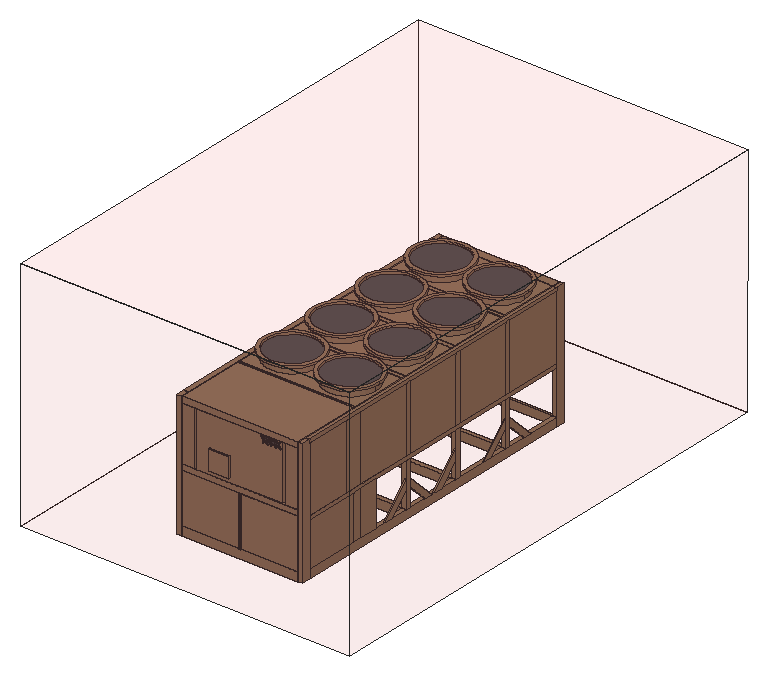
Revit family (continued)
Definition of nested family "Box_Frame-York-YCIV-4_Row"
  Lines and regions (in)
    Masking region 12, detail levels medium+fine
      outline origin (0, 0, 37) x (-1, 0, 0) y (0, -1, 0)
        loop
          line (41.0625, -115) -> (41.0625, -109) -> (-41.0625, -109) -> (-41.0625, -115) -> (41.0625, -115)
    Masking region 13, detail levels medium+fine
      outline origin (41.0625, 0, 0) x (0, -1, 0) y (0, 0, 1)
        loop
          line (23.525, 37) -> (20.525, 37) -> (20.525, 6) -> (23.525, 6) -> (23.525, 37)
        loop
          line (-20.15, 37) -> (-23.15, 37) -> (-23.15, 6) -> (-20.15, 6) -> (-20.15, 37)
        loop
          line (-63.825, 37) -> (-66.825, 37) -> (-66.825, 6) -> (-63.825, 6) -> (-63.825, 37)
    Masking region 14
      outline origin (0, 0, 0) x (0, 1, 0) y (0, 0, 1)
        loop
          line (-109, 85.9375) -> (-109, 40) -> (-64.2, 40) -> (-64.2, 85.9375) -> (-109, 85.9375)
    Masking region 15, detail levels medium+fine
      outline origin (0, 0, 87.9375) x (-1, 0, 0) y (0, -1, 0)
        loop
          line (41.0625, 65.7) -> (41.0625, 111) -> (-41.0625, 111) -> (-41.0625, 65.7) -> (41.0625, 65.7)
    Masking region 16
      outline origin (0, 0, 0) x (0, 1, 0) y (0, 0, 1)
        loop
          line (-64.2, 85.9375) -> (-64.2, 40) -> (109, 40) -> (109, 85.9375) -> (-64.2, 85.9375)
    Masking region 17, detail levels medium+fine
      outline origin (0, 0, 87.9375) x (-1, 0, 0) y (0, -1, 0)
        loop
          line (41.0625, -109) -> (41.0625, 65.7) -> (-41.0625, 65.7) -> (-41.0625, -109) -> (41.0625, -109)
    Masking region 18, visible <- "Sound Option"
      outline origin (0, 0, 0) x (0, 1, 0) y (0, 0, 1)
        loop
          line (-109, 37) -> (-109, 6) -> (-50.2, 6) -> (-50.2, 37) -> (-109, 37)
    Masking region 19, detail levels fine
      outline origin (0, 0, 0) x (0, 1, 0) y (0, 0, 1)
        loop
          line (-42.525, 6) -> (-36.525, 6) -> (-23.525, 19) -> (-23.525, 25) -> (-42.525, 6)
        loop
          line (-20.525, 25) -> (-20.525, 19) -> (-7.525, 6) -> (-1.525, 6) -> (-20.525, 25)
        loop
          line (1.15, 6) -> (7.15, 6) -> (20.15, 19) -> (20.15, 25) -> (1.15, 6)
        loop
          line (63.825, 25) -> (44.825, 6) -> (50.825, 6) -> (63.825, 19) -> (63.825, 25)
        loop
          line (66.825, 25) -> (66.825, 19) -> (79.825, 6) -> (85.825, 6) -> (66.825, 25)
    Masking region 20, detail levels coarse
      outline origin (0, 0, 6) x (-1, 0, 0) y (0, -1, 0)
        loop
          line (44.0625, -115) -> (44.0625, 115) -> (-44.0625, 115) -> (-44.0625, -115) -> (44.0625, -115)
    Masking region 21, detail levels medium+fine
      outline origin (0, -115, 0) x (-1, 0, 0) y (0, 0, -1)
        loop
          line (1, -41.3125) -> (1, -6) -> (-1, -6) -> (-1, -41.3125) -> (1, -41.3125)
    Masking region 22, visible <- "Sound Option"
      outline origin (0, -115, 0) x (-1, 0, 0) y (0, 0, -1)
        loop
          line (41.0625, -41.3125) -> (41.0625, -6) -> (1, -6) -> (1, -41.3125) -> (41.0625, -41.3125)
        loop
          line (-1, -41.3125) -> (-1, -6) -> (-41.0625, -6) -> (-41.0625, -41.3125) -> (-1, -41.3125)
    Masking region 23
      outline origin (32, 0, 0) x (0, -1, 0) y (0, 0, 1)
        loop
          line (70.2, 37) -> (64.2, 37) -> (64.2, 6) -> (70.2, 6) -> (70.2, 37)
    model lines, style "Frame Detail Lines", detail levels medium
      curve 1: line (-21.0625, -116, 48.3125) -> (-21.0625, -116, 62.3125)
      curve 2: line (-7.0625, -116, 48.3125) -> (-21.0625, -116, 48.3125)
      curve 3: line (-21.0625, -115, 62.3125) -> (-7.0625, -115, 62.3125)
      curve 4: line (-21.0625, -115, 48.3125) -> (-21.0625, -115, 62.3125)
      curve 5: line (-7.0625, -115, 48.3125) -> (-21.0625, -115, 48.3125)
      curve 6: line (-7.0625, -115, 62.3125) -> (-7.0625, -115, 48.3125)
      curve 7: line (-21.0625, -116, 48.3125) -> (-21.0625, -115, 48.3125)
      curve 8: line (-7.0625, -116, 48.3125) -> (-7.0625, -115, 48.3125)
      curve 9: line (-21.0625, -116, 62.3125) -> (-21.0625, -115, 62.3125)
      curve 10: line (-7.0625, -116, 62.3125) -> (-7.0625, -115, 62.3125)
      curve 263: line (-7.0625, -116, 62.3125) -> (-21.0625, -116, 62.3125)
      curve 264: line (-7.0625, -116, 48.3125) -> (-7.0625, -116, 62.3125)
    symbolic lines, style "Frame Detail Lines", detail levels fine
      curve 11: line (-21.0625, -116, 62.3125) -> (-7.0625, -116, 62.3125)
      curve 12: line (-21.0625, -116, 48.3125) -> (-21.0625, -116, 62.3125)
      curve 13: line (-7.0625, -116, 48.3125) -> (-21.0625, -116, 48.3125)
      curve 14: line (-7.0625, -116, 62.3125) -> (-7.0625, -116, 48.3125)
    model lines, style "Frame Medium Lines", detail levels medium
      curve 15: line (-30, -115, 83.9375) -> (30, -115, 83.9375)
      curve 16: line (30, -115, 45.3125) -> (-30, -115, 45.3125)
      curve 17: line (30, -115, 83.9375) -> (30, -115, 45.3125)
      curve 18: line (-30, -111, 83.9375) -> (30, -111, 83.9375)
      curve 19: line (-30, -111, 45.3125) -> (-30, -111, 83.9375)
      curve 20: line (30, -111, 45.3125) -> (-30, -111, 45.3125)
      curve 21: line (30, -111, 83.9375) -> (30, -111, 45.3125)
      curve 22: line (-30, -115, 45.3125) -> (-30, -111, 45.3125)
      curve 23: line (30, -115, 45.3125) -> (30, -111, 45.3125)
      curve 24: line (-30, -115, 83.9375) -> (-30, -111, 83.9375)
      curve 25: line (30, -115, 83.9375) -> (30, -111, 83.9375)
      curve 262: line (-30, -115, 45.3125) -> (-30, -115, 83.9375)
    symbolic lines, style "Frame Medium Lines", detail levels medium+fine
      curve 26: line (-30, -115, 83.9375) -> (30, -115, 83.9375)
      curve 28: line (30, -115, 45.3125) -> (-30, -115, 45.3125)
      curve 30: line (-30, -111, 87.375) -> (30, -111, 87.375)
      curve 31: line (-30, -115, 87.375) -> (-30, -111, 87.375)
      curve 32: line (30, -115, 87.375) -> (-30, -115, 87.375)
      curve 33: line (30, -111, 87.375) -> (30, -115, 87.375)
      curve 238: line (-41.0625, 66.825, 87.9375) -> (41.0625, 66.825, 87.9375)
      curve 239: line (-41.0625, 63.825, 87.9375) -> (41.0625, 63.825, 87.9375)
      curve 240: line (-41.0625, 23.15, 87.9375) -> (41.0625, 23.15, 87.9375)
      curve 241: line (-41.0625, 20.15, 87.9375) -> (41.0625, 20.15, 87.9375)
      curve 242: line (-41.0625, -20.525, 87.9375) -> (41.0625, -20.525, 87.9375)
      curve 243: line (-41.0625, -23.525, 87.9375) -> (41.0625, -23.525, 87.9375)
      curve 244: line (-41.0625, -64.2, 87.9375) -> (41.0625, -64.2, 87.9375)
    symbolic lines, style "Frame Medium Lines", detail levels fine
      curve 27: line (-30, -115, 45.3125) -> (-30, -115, 83.9375)
      curve 29: line (30, -115, 83.9375) -> (30, -115, 45.3125)
      curve 255: line (0, -23.525, 85.9375) -> (0, -23.525, 40)
      curve 256: line (0, -76.20237, 85.9375) -> (0, -76.20237, 40)
      curve 257: line (0, -20.525, 85.9375) -> (0, -20.525, 40)
      curve 258: line (0, 20.15, 85.9375) -> (0, 20.15, 40)
      curve 259: line (0, 23.15, 85.9375) -> (0, 23.15, 40)
      curve 260: line (0, 63.825, 85.9375) -> (0, 63.825, 40)
      curve 261: line (0, 66.825, 85.9375) -> (0, 66.825, 40)
      curve 268: line (-32, -115, 83.9375) -> (-32, -115, 45.3125)
      curve 269: line (32, -115, 83.9375) -> (32, -115, 45.3125)
    model lines, style "Frame Outline Lines", detail levels coarse+medium
      curve 34: line (-41.0625, -115, 45.3125) -> (41.0625, -115, 45.3125)
      curve 35: line (-41.0625, -115, 41.3125) -> (-41.0625, -115, 45.3125)
      curve 36: line (41.0625, -115, 41.3125) -> (-41.0625, -115, 41.3125)
      curve 37: line (41.0625, -115, 45.3125) -> (41.0625, -115, 41.3125)
      curve 38: line (-41.0625, -111, 45.3125) -> (41.0625, -111, 45.3125)
      curve 39: line (-41.0625, -111, 41.3125) -> (-41.0625, -111, 45.3125)
      curve 40: line (41.0625, -111, 41.3125) -> (-41.0625, -111, 41.3125)
      curve 41: line (41.0625, -111, 45.3125) -> (41.0625, -111, 41.3125)
      curve 42: line (-41.0625, -115, 45.3125) -> (-41.0625, -111, 45.3125)
      curve 43: line (41.0625, -115, 45.3125) -> (41.0625, -111, 45.3125)
      curve 44: line (-41.0625, -115, 41.3125) -> (-41.0625, -111, 41.3125)
      curve 45: line (41.0625, -115, 41.3125) -> (41.0625, -111, 41.3125)
      curve 51: line (-44.0625, -115, 87.9375) -> (-41.0625, -115, 87.9375)
      curve 52: line (-44.0625, -115, 0) -> (-44.0625, -115, 87.9375)
      curve 53: line (-41.0625, -115, 0) -> (-44.0625, -115, 0)
      curve 54: line (-41.0625, -115, 87.9375) -> (-41.0625, -115, 0)
      curve 55: line (41.0625, -115, 87.9375) -> (44.0625, -115, 87.9375)
      curve 56: line (41.0625, -115, 0) -> (41.0625, -115, 87.9375)
      curve 57: line (44.0625, -115, 0) -> (41.0625, -115, 0)
      curve 58: line (44.0625, -115, 87.9375) -> (44.0625, -115, 0)
      curve 59: line (41.0625, -109, 87.9375) -> (44.0625, -109, 87.9375)
      curve 60: line (41.0625, -109, 0) -> (41.0625, -109, 87.9375)
      curve 61: line (44.0625, -109, 0) -> (41.0625, -109, 0)
      curve 62: line (44.0625, -109, 87.9375) -> (44.0625, -109, 0)
      curve 63: line (-44.0625, -109, 87.9375) -> (-41.0625, -109, 87.9375)
      curve 64: line (-44.0625, -109, 0) -> (-44.0625, -109, 87.9375)
      curve 65: line (-41.0625, -109, 0) -> (-44.0625, -109, 0)
      curve 66: line (-41.0625, -109, 87.9375) -> (-41.0625, -109, 0)
      curve 67: line (-44.0625, 109, 87.9375) -> (-41.0625, 109, 87.9375)
      curve 68: line (-44.0625, 109, 0) -> (-44.0625, 109, 87.9375)
      curve 69: line (-41.0625, 109, 0) -> (-44.0625, 109, 0)
      curve 70: line (-41.0625, 109, 87.9375) -> (-41.0625, 109, 0)
      curve 71: line (41.0625, 109, 87.9375) -> (44.0625, 109, 87.9375)
      curve 72: line (41.0625, 109, 0) -> (41.0625, 109, 87.9375)
      curve 73: line (44.0625, 109, 0) -> (41.0625, 109, 0)
      curve 74: line (44.0625, 109, 87.9375) -> (44.0625, 109, 0)
      curve 75: line (41.0625, 115, 87.9375) -> (44.0625, 115, 87.9375)
      curve 76: line (41.0625, 115, 0) -> (41.0625, 115, 87.9375)
      curve 77: line (44.0625, 115, 0) -> (41.0625, 115, 0)
      curve 78: line (44.0625, 115, 87.9375) -> (44.0625, 115, 0)
      curve 79: line (-44.0625, 115, 87.9375) -> (-41.0625, 115, 87.9375)
      curve 80: line (-44.0625, 115, 0) -> (-44.0625, 115, 87.9375)
      curve 81: line (-41.0625, 115, 0) -> (-44.0625, 115, 0)
      curve 82: line (-41.0625, 115, 87.9375) -> (-41.0625, 115, 0)
      curve 83: line (-44.0625, -109, 87.9375) -> (-44.0625, -115, 87.9375)
      curve 84: line (-41.0625, -109, 87.9375) -> (-41.0625, -115, 87.9375)
      curve 85: line (41.0625, -109, 87.9375) -> (41.0625, -115, 87.9375)
      curve 86: line (44.0625, -109, 87.9375) -> (44.0625, -115, 87.9375)
      curve 87: line (44.0625, 115, 87.9375) -> (44.0625, 109, 87.9375)
      curve 88: line (41.0625, 115, 87.9375) -> (41.0625, 109, 87.9375)
      curve 89: line (-41.0625, 115, 87.9375) -> (-41.0625, 109, 87.9375)
      curve 90: line (-44.0625, 115, 87.9375) -> (-44.0625, 109, 87.9375)
      curve 91: line (-44.0625, 109, 0) -> (-44.0625, 115, 0)
      curve 92: line (-41.0625, 109, 0) -> (-41.0625, 115, 0)
      curve 93: line (41.0625, 109, 0) -> (41.0625, 115, 0)
      curve 94: line (44.0625, 109, 0) -> (44.0625, 115, 0)
      curve 95: line (44.0625, -115, 0) -> (44.0625, -109, 0)
      curve 96: line (41.0625, -115, 0) -> (41.0625, -109, 0)
      curve 97: line (-41.0625, -115, 0) -> (-41.0625, -109, 0)
      curve 98: line (-44.0625, -115, 0) -> (-44.0625, -109, 0)
      curve 144: line (-44.0625, 109, 87.9375) -> (-44.0625, -109, 87.9375)
      curve 145: line (-41.0625, -109, 87.9375) -> (-41.0625, 109, 87.9375)
      curve 146: line (41.0625, 109, 87.9375) -> (41.0625, -109, 87.9375)
      curve 147: line (44.0625, -109, 87.9375) -> (44.0625, 109, 87.9375)
      curve 148: line (-44.0625, 109, 85.9375) -> (-44.0625, -109, 85.9375)
      curve 149: line (-41.0625, 109, 85.9375) -> (-41.0625, -109, 85.9375)
      curve 150: line (44.0625, 109, 85.9375) -> (44.0625, -109, 85.9375)
      curve 151: line (41.0625, 109, 85.9375) -> (41.0625, -109, 85.9375)
      curve 152: line (44.0625, 109, 40) -> (44.0625, -109, 40)
      curve 153: line (41.0625, 109, 40) -> (41.0625, -109, 40)
      curve 154: line (-41.0625, 109, 40) -> (-41.0625, -109, 40)
      curve 155: line (-44.0625, 109, 40) -> (-44.0625, -109, 40)
      curve 156: line (44.0625, 109, 37) -> (44.0625, -109, 37)
      curve 157: line (41.0625, 109, 37) -> (41.0625, -109, 37)
      curve 158: line (-41.0625, 109, 37) -> (-41.0625, -109, 37)
      curve 159: line (-44.0625, 109, 37) -> (-44.0625, -109, 37)
      curve 160: line (-41.0625, 115, 87.9375) -> (41.0625, 115, 87.9375)
      curve 161: line (-41.0625, 109, 87.9375) -> (41.0625, 109, 87.9375)
      curve 162: line (-41.0625, 115, 85.9375) -> (41.0625, 115, 85.9375)
      curve 163: line (-41.0625, 109, 85.9375) -> (41.0625, 109, 85.9375)
      curve 164: line (-41.0625, 115, 40) -> (41.0625, 115, 40)
      curve 165: line (-41.0625, 109, 40) -> (41.0625, 109, 40)
      curve 166: line (-41.0625, 115, 37) -> (41.0625, 115, 37)
      curve 167: line (-41.0625, 109, 37) -> (41.0625, 109, 37)
      curve 245: line (44.0625, -109, 6) -> (44.0625, 109, 6)
      curve 246: line (44.0625, -109, 0) -> (44.0625, 109, 0)
      curve 247: line (41.0625, -109, 6) -> (41.0625, 109, 6)
      curve 248: line (41.0625, -109, 0) -> (41.0625, 109, 0)
      curve 249: line (-44.0625, -109, 6) -> (-44.0625, 109, 6)
      curve 250: line (-44.0625, -109, 0) -> (-44.0625, 109, 0)
      curve 251: line (-41.0625, -109, 6) -> (-41.0625, 109, 6)
      curve 252: line (-41.0625, -109, 0) -> (-41.0625, 109, 0)
      curve 253: line (-41.0625, -115, 83.9375) -> (41.0625, -115, 83.9375)
      curve 254: line (-41.0625, -109, 85.9375) -> (41.0625, -109, 85.9375)
      curve 265: line (-41.0625, -115, 87.9375) -> (41.0625, -115, 87.9375)
    model lines, style "Frame Outline Lines", detail levels medium
      curve 46: line (41.0625, -111, 87.9375) -> (41.0625, -111, 45.3125)
      curve 47: line (-41.0625, -109, 45.3125) -> (-41.0625, -109, 85.9375)
      curve 48: line (41.0625, -109, 85.9375) -> (41.0625, -109, 45.3125)
      curve 49: line (-41.0625, -111, 45.3125) -> (-41.0625, -109, 45.3125)
      curve 50: line (41.0625, -111, 45.3125) -> (41.0625, -109, 45.3125)
      curve 99: line (-41.0625, 111, 0) -> (41.0625, 111, 0)
      curve 100: line (-41.0625, 109, 0) -> (-41.0625, 111, 0)
      curve 101: line (41.0625, 109, 0) -> (-41.0625, 109, 0)
      curve 102: line (41.0625, 111, 0) -> (41.0625, 109, 0)
      curve 103: line (-41.0625, 66.825, 0) -> (41.0625, 66.825, 0)
      curve 104: line (-41.0625, 63.825, 0) -> (-41.0625, 66.825, 0)
      curve 105: line (41.0625, 63.825, 0) -> (-41.0625, 63.825, 0)
      curve 106: line (41.0625, 66.825, 0) -> (41.0625, 63.825, 0)
      curve 107: line (-41.0625, 23.15, 0) -> (41.0625, 23.15, 0)
      curve 108: line (-41.0625, 20.15, 0) -> (-41.0625, 23.15, 0)
      curve 109: line (41.0625, 20.15, 0) -> (-41.0625, 20.15, 0)
      curve 110: line (41.0625, 23.15, 0) -> (41.0625, 20.15, 0)
      curve 111: line (-41.0625, -20.525, 0) -> (41.0625, -20.525, 0)
      curve 112: line (-41.0625, -23.525, 0) -> (-41.0625, -20.525, 0)
      curve 113: line (41.0625, -23.525, 0) -> (-41.0625, -23.525, 0)
      curve 114: line (41.0625, -20.525, 0) -> (41.0625, -23.525, 0)
      curve 115: line (-41.0625, -64.2, 0) -> (41.0625, -64.2, 0)
      curve 116: line (-41.0625, -70.2, 0) -> (-41.0625, -64.2, 0)
      curve 117: line (41.0625, -70.2, 0) -> (-41.0625, -70.2, 0)
      curve 118: line (41.0625, -64.2, 0) -> (41.0625, -70.2, 0)
      curve 119: line (-41.0625, -109, 0) -> (41.0625, -109, 0)
      curve 120: line (-41.0625, -115, 0) -> (-41.0625, -109, 0)
      curve 121: line (41.0625, -115, 0) -> (-41.0625, -115, 0)
      curve 122: line (41.0625, -109, 0) -> (41.0625, -115, 0)
      curve 123: line (-41.0625, 111, 6) -> (41.0625, 111, 6)
      curve 124: line (-41.0625, 109, 6) -> (-41.0625, 111, 6)
      curve 125: line (41.0625, 109, 6) -> (-41.0625, 109, 6)
      curve 126: line (41.0625, 111, 6) -> (41.0625, 109, 6)
      curve 127: line (-41.0625, 66.825, 6) -> (41.0625, 66.825, 6)
      curve 128: line (-41.0625, 63.825, 6) -> (-41.0625, 66.825, 6)
      curve 129: line (41.0625, 63.825, 6) -> (-41.0625, 63.825, 6)
      curve 130: line (41.0625, 66.825, 6) -> (41.0625, 63.825, 6)
      curve 131: line (-41.0625, 23.15, 6) -> (41.0625, 23.15, 6)
      curve 132: line (-41.0625, 20.15, 6) -> (-41.0625, 23.15, 6)
      curve 133: line (41.0625, 20.15, 6) -> (-41.0625, 20.15, 6)
      curve 134: line (41.0625, 23.15, 6) -> (41.0625, 20.15, 6)
      curve 135: line (-41.0625, -20.525, 6) -> (41.0625, -20.525, 6)
      curve 136: line (-41.0625, -23.525, 6) -> (-41.0625, -20.525, 6)
      curve 137: line (41.0625, -23.525, 6) -> (-41.0625, -23.525, 6)
      curve 138: line (41.0625, -20.525, 6) -> (41.0625, -23.525, 6)
      curve 139: line (-41.0625, -64.2, 6) -> (41.0625, -64.2, 6)
      curve 140: line (-41.0625, -70.2, 6) -> (-41.0625, -64.2, 6)
      curve 141: line (41.0625, -70.2, 6) -> (-41.0625, -70.2, 6)
      curve 142: line (41.0625, -64.2, 6) -> (41.0625, -70.2, 6)
      curve 143: line (-41.0625, -109, 6) -> (41.0625, -109, 6)
      curve 168: line (44.0625, 66.825, 37) -> (41.0625, 66.825, 37)
      curve 169: line (44.0625, 66.825, 6) -> (44.0625, 66.825, 37)
      curve 170: line (41.0625, 66.825, 6) -> (44.0625, 66.825, 6)
      curve 171: line (41.0625, 66.825, 37) -> (41.0625, 66.825, 6)
      curve 172: line (-41.0625, 66.825, 37) -> (-44.0625, 66.825, 37)
      curve 173: line (-41.0625, 66.825, 6) -> (-41.0625, 66.825, 37)
      curve 174: line (-44.0625, 66.825, 6) -> (-41.0625, 66.825, 6)
      curve 175: line (-44.0625, 66.825, 37) -> (-44.0625, 66.825, 6)
      curve 176: line (44.0625, 63.825, 37) -> (41.0625, 63.825, 37)
      curve 177: line (44.0625, 63.825, 6) -> (44.0625, 63.825, 37)
      curve 178: line (41.0625, 63.825, 6) -> (44.0625, 63.825, 6)
      curve 179: line (41.0625, 63.825, 37) -> (41.0625, 63.825, 6)
      curve 180: line (-41.0625, 63.825, 37) -> (-44.0625, 63.825, 37)
      curve 181: line (-41.0625, 63.825, 6) -> (-41.0625, 63.825, 37)
      curve 182: line (-44.0625, 63.825, 6) -> (-41.0625, 63.825, 6)
      curve 183: line (-44.0625, 63.825, 37) -> (-44.0625, 63.825, 6)
      curve 184: line (44.0625, -64.2, 37) -> (41.0625, -64.2, 37)
      curve 185: line (44.0625, -64.2, 6) -> (44.0625, -64.2, 37)
      curve 186: line (41.0625, -64.2, 6) -> (44.0625, -64.2, 6)
      curve 187: line (41.0625, -64.2, 37) -> (41.0625, -64.2, 6)
      curve 188: line (-41.0625, -64.2, 37) -> (-44.0625, -64.2, 37)
      curve 189: line (-41.0625, -64.2, 6) -> (-41.0625, -64.2, 37)
      curve 190: line (-44.0625, -64.2, 6) -> (-41.0625, -64.2, 6)
      curve 191: line (-44.0625, -64.2, 37) -> (-44.0625, -64.2, 6)
      curve 192: line (44.0625, -70.2, 37) -> (41.0625, -70.2, 37)
      curve 193: line (44.0625, -70.2, 6) -> (44.0625, -70.2, 37)
      curve 194: line (41.0625, -70.2, 6) -> (44.0625, -70.2, 6)
      curve 195: line (41.0625, -70.2, 37) -> (41.0625, -70.2, 6)
      curve 196: line (-41.0625, -70.2, 37) -> (-44.0625, -70.2, 37)
      curve 197: line (-41.0625, -70.2, 6) -> (-41.0625, -70.2, 37)
      curve 198: line (-44.0625, -70.2, 6) -> (-41.0625, -70.2, 6)
      curve 199: line (-44.0625, -70.2, 37) -> (-44.0625, -70.2, 6)
      curve 200: line (44.0625, 23.15, 37) -> (41.0625, 23.15, 37)
      curve 201: line (44.0625, 23.15, 6) -> (44.0625, 23.15, 37)
      curve 202: line (41.0625, 23.15, 6) -> (44.0625, 23.15, 6)
      curve 203: line (41.0625, 23.15, 37) -> (41.0625, 23.15, 6)
      curve 204: line (-41.0625, 23.15, 37) -> (-44.0625, 23.15, 37)
      curve 205: line (-41.0625, 23.15, 6) -> (-41.0625, 23.15, 37)
      curve 206: line (-44.0625, 23.15, 6) -> (-41.0625, 23.15, 6)
      curve 207: line (-44.0625, 23.15, 37) -> (-44.0625, 23.15, 6)
      curve 208: line (44.0625, 20.15, 37) -> (41.0625, 20.15, 37)
      curve 209: line (44.0625, 20.15, 6) -> (44.0625, 20.15, 37)
      curve 210: line (41.0625, 20.15, 6) -> (44.0625, 20.15, 6)
      curve 211: line (41.0625, 20.15, 37) -> (41.0625, 20.15, 6)
      curve 212: line (-41.0625, 20.15, 37) -> (-44.0625, 20.15, 37)
      curve 213: line (-41.0625, 20.15, 6) -> (-41.0625, 20.15, 37)
      curve 214: line (-44.0625, 20.15, 6) -> (-41.0625, 20.15, 6)
      curve 215: line (-44.0625, 20.15, 37) -> (-44.0625, 20.15, 6)
      curve 216: line (44.0625, -20.525, 37) -> (41.0625, -20.525, 37)
      curve 217: line (44.0625, -20.525, 6) -> (44.0625, -20.525, 37)
      curve 218: line (41.0625, -20.525, 6) -> (44.0625, -20.525, 6)
      curve 219: line (41.0625, -20.525, 37) -> (41.0625, -20.525, 6)
      curve 220: line (-41.0625, -20.525, 37) -> (-44.0625, -20.525, 37)
      curve 221: line (-41.0625, -20.525, 6) -> (-41.0625, -20.525, 37)
      curve 222: line (-44.0625, -20.525, 6) -> (-41.0625, -20.525, 6)
      curve 223: line (-44.0625, -20.525, 37) -> (-44.0625, -20.525, 6)
      curve 224: line (44.0625, -23.525, 37) -> (41.0625, -23.525, 37)
      curve 225: line (44.0625, -23.525, 6) -> (44.0625, -23.525, 37)
      curve 226: line (41.0625, -23.525, 6) -> (44.0625, -23.525, 6)
      curve 227: line (41.0625, -23.525, 37) -> (41.0625, -23.525, 6)
      curve 228: line (-41.0625, -23.525, 37) -> (-44.0625, -23.525, 37)
      curve 229: line (-41.0625, -23.525, 6) -> (-41.0625, -23.525, 37)
      curve 230: line (-44.0625, -23.525, 6) -> (-41.0625, -23.525, 6)
      curve 231: line (-44.0625, -23.525, 37) -> (-44.0625, -23.525, 6)
      curve 266: line (-41.0625, -115, 6) -> (41.0625, -115, 6)
      curve 270: line (-1, -115, 41.3125) -> (-1, -115, 6)
      curve 271: line (1, -115, 41.3125) -> (1, -115, 6)
      curve 272: line (-1, -115, 41.3125) -> (-1, -109, 41.3125)
      curve 273: line (1, -115, 41.3125) -> (1, -109, 41.3125)
      curve 274: line (-32, -115, 83.9375) -> (-32, -115, 45.3125)
      curve 275: line (32, -115, 83.9375) -> (32, -115, 45.3125)
      curve 276: line (-32, -111, 83.9375) -> (-32, -111, 45.3125)
      curve 277: line (32, -111, 83.9375) -> (32, -111, 45.3125)
      curve 278: line (-32, -115, 83.9375) -> (-32, -111, 83.9375)
      curve 279: line (-32, -115, 45.3125) -> (-32, -111, 45.3125)
      curve 280: line (32, -115, 83.9375) -> (32, -111, 83.9375)
      curve 281: line (32, -115, 45.3125) -> (32, -111, 45.3125)
    model lines, style "Frame Medium Lines", detail levels medium+fine
      curve 232: line (41.0625, -65.7, 85.9375) -> (41.0625, -65.7, 40)
      curve 233: line (44.0625, -76.20237, 85.9375) -> (44.0625, -76.20237, 40)
      curve 234: line (-41.0625, -65.7, 85.9375) -> (-41.0625, -65.7, 40)
      curve 235: line (-44.0625, -76.20237, 85.9375) -> (-44.0625, -76.20237, 40)
      curve 236: line (-41.0625, -65.7, 87.9375) -> (41.0625, -65.7, 87.9375)
      curve 237: line (41.0625, -65.7, 85.9375) -> (-41.0625, -65.7, 85.9375)
    symbolic lines, style "Frame Outline Lines"
      curve 267: line (-41.0625, -115, 83.9375) -> (41.0625, -115, 83.9375)
  Dimensions and locks (in)
    equal spacing: plane 6 "Box Left", plane 3 "Center (Left/Right)", plane 7 "Box Right"
    "Width": plane 6 "Box Left" to plane 7 "Box Right"
    equal spacing: plane 4 "Box Back", plane 1 "Center (Front/Back)", plane 5 "Box Front"
    "Length": plane 4 "Box Back" to plane 5 "Box Front"
    "Height": plane 8 "Box Top" to plane 2 "Box Bottom"
    locked: plane 6 "Box Left" to plane 9 "Box Inset Left" at 3
    locked: plane 10 "Box Inset Right" to plane 7 "Box Right" at 3
    locked: plane 5 "Box Front" to plane 12 "Box Front Inset" at 6
    locked: plane 16 "Box Bottom Inset" to plane 2 "Box Bottom" at 6
    locked: plane 11 "Box Back Inset" to plane 4 "Box Back" at 6
    locked: plane 13 "Middle Bar Top" to plane 2 "Box Bottom" at 40
    locked: plane 13 "Middle Bar Top" to plane 14 "Middle Bar Bottom" at 3
    locked: plane 8 "Box Top" to plane 15 "Top Inset" at 2
    locked: plane 17 "Column One Middle" to plane 18 "Column Two Middle" at 43.675
    locked: plane 18 "Column Two Middle" to plane 19 "Column 3 Middle" at 43.675
    locked: plane 19 "Column 3 Middle" to plane 20 "Column Four Middle" at 43.675
    equal spacing: plane 21 "Column Four Front", plane 20 "Column Four Middle", plane 22 "Column Four Back"
    locked: plane 21 "Column Four Front" to plane 22 "Column Four Back" at 3
    equal spacing: plane 23 "Column Three Front", plane 19 "Column 3 Middle", plane 24 "Column Three Back"
    locked: plane 23 "Column Three Front" to plane 24 "Column Three Back" at 3
    equal spacing: plane 25 "Column Two Front", plane 18 "Column Two Middle", plane 26 "Column Two Back"
    locked: plane 25 "Column Two Front" to plane 26 "Column Two Back" at 3
    locked: plane 29 "Front Bar Top" to plane 30 "Front Bar Bottom" at 4
    locked: plane 32 "Access Panel Bottom" to plane 29 "Front Bar Top" at 3
    locked: plane 33 "Access Panel Top" to plane 32 "Access Panel Bottom" at 14
    locked: plane 34 "Access Panel Left" to plane 31 "Access Panel Center" at 7
    locked: plane 31 "Access Panel Center" to plane 35 "Access Panel Right" at 7
    locked: plane 37 "Access Panel Front" to plane 5 "Box Front" at 1
    locked: plane 38 "Control Panel Right" to plane 3 "Center (Left/Right)" at 30
    locked: plane 39 "Control Panel Left" to plane 3 "Center (Left/Right)" at 30
    locked: plane 5 "Box Front" to plane 36 "Panel Front" at 4
    locked: plane 40 "Back Frame Inset" to plane 4 "Box Back" at 4
    locked: plane 41 "Bar Left of Control Panel" to plane 39 "Control Panel Left" at 2
    locked: plane 38 "Control Panel Right" to plane 42 "Bar Right of Control Panel" at 2
    locked: plane 3 "Center (Left/Right)" to plane 31 "Access Panel Center" at 14.0625
    locked: plane 43 "Front Bar Left" to plane 44 "Front Bar Right" at 2
    equal spacing: plane 43 "Front Bar Left", plane 3 "Center (Left/Right)", plane 44 "Front Bar Right"
    locked: plane 27 "Column One Back" to plane 45 "Side Framing Extra" at 14
    locked: plane 22 "Column Four Back" to plane 47 "Angle Support Five Front" at 13
    locked: plane 47 "Angle Support Five Front" to plane 46 "Angle Support Five Back" at 6
    locked: plane 49 "Angle Support Inside Bottom" to plane 16 "Box Bottom Inset" at 13
    locked: plane 48 "Angle Support Top" to plane 49 "Angle Support Inside Bottom" at 6
    locked: plane 51 "Angle Support Four Back" to plane 21 "Column Four Front" at 13
    locked: plane 50 "Angle Support Four Front" to plane 51 "Angle Support Four Back" at 6
    locked: plane 52 "Angle Support Three Back" to plane 23 "Column Three Front" at 13
    locked: plane 53 "Angle Support Three Front" to plane 52 "Angle Support Three Back" at 6
    locked: plane 26 "Column Two Back" to plane 54 "Angle Support Two Front" at 13
    locked: plane 54 "Angle Support Two Front" to plane 55 "Angle Support Two Back" at 6
    locked: plane 56 "Angle Support One Back" to plane 25 "Column Two Front" at 13
    locked: plane 57 "Angle Support One Front" to plane 56 "Angle Support One Back" at 6
    locked: plane 58 "Angle Support Right" to plane 7 "Box Right" at 1
    locked: plane 6 "Box Left" to plane 59 "Angle Support Left" at 1
    locked: plane 30 "Front Bar Bottom" to plane 2 "Box Bottom" at 41.3125
    locked: plane 17 "Column One Middle" to plane 27 "Column One Back" at 1.5
    locked: plane 28 "Top Column Front" to plane 17 "Column One Middle" at 10.50237
    locked: plane 60 "Column One Front" to plane 17 "Column One Middle" at 4.5
    locked: plane 8 "Box Top" to plane 61 "Top Front Inset" at 4
    locked: plane 20 "Column Four Middle" to plane 11 "Box Back Inset" at 43.675
    aligned and locked: plane 35 "Access Panel Right" to Extrusion 1 sketch curve
    aligned and locked: Extrusion 1 sketch curve to plane 34 "Access Panel Left"
    aligned and locked: Extrusion 1 to plane 37 "Access Panel Front"
    aligned and locked: Extrusion 1 to plane 5 "Box Front"
    aligned and locked: plane 32 "Access Panel Bottom" to curve 2
    aligned and locked: plane 32 "Access Panel Bottom" to curve 5
    aligned and locked: plane 35 "Access Panel Right" to curve 6
    aligned and locked: curve 4 to plane 34 "Access Panel Left"
    aligned and locked: plane 37 "Access Panel Front" to curve 8
    aligned and locked: plane 5 "Box Front" to curve 7
    aligned and locked: plane 5 "Box Front" to curve 8
    aligned and locked: plane 37 "Access Panel Front" to curve 7
    aligned and locked: curve 8 to Extrusion 1
    aligned and locked: curve 7 to Extrusion 1
    aligned and locked: plane 37 "Access Panel Front" to curve 10
    aligned and locked: plane 5 "Box Front" to curve 9
    aligned and locked: plane 5 "Box Front" to curve 10
    aligned and locked: plane 37 "Access Panel Front" to curve 9
    aligned and locked: plane 5 "Box Front" to Masking region 1 sketch curve
    aligned and locked: plane 35 "Access Panel Right" to Masking region 1 sketch curve
    aligned and locked: Masking region 1 sketch curve to plane 37 "Access Panel Front"
    aligned and locked: Masking region 1 sketch curve to plane 34 "Access Panel Left"
    aligned and locked: Masking region 2 sketch curve to plane 33 "Access Panel Top"
    aligned and locked: plane 32 "Access Panel Bottom" to Masking region 2 sketch curve
    aligned and locked: plane 5 "Box Front" to Masking region 2 sketch curve
    aligned and locked: Masking region 2 sketch curve to plane 37 "Access Panel Front"
    aligned and locked: plane 38 "Control Panel Right" to Extrusion 2 sketch curve
    aligned and locked: Extrusion 2 sketch curve to plane 39 "Control Panel Left"
    aligned and locked: plane 29 "Front Bar Top" to Extrusion 2 sketch curve
    aligned and locked: Extrusion 2 to plane 5 "Box Front"
    aligned and locked: Extrusion 2 to plane 36 "Panel Front"
    aligned and locked: plane 38 "Control Panel Right" to curve 21
    aligned and locked: plane 29 "Front Bar Top" to curve 20
    aligned and locked: curve 19 to plane 39 "Control Panel Left"
    aligned and locked: curve 23 to Extrusion 2
    aligned and locked: curve 22 to Extrusion 2
    aligned and locked: plane 5 "Box Front" to curve 23
    aligned and locked: plane 36 "Panel Front" to curve 23
    aligned and locked: plane 36 "Panel Front" to curve 22
    aligned and locked: plane 5 "Box Front" to curve 22
    aligned and locked: plane 5 "Box Front" to curve 25
    aligned and locked: plane 36 "Panel Front" to curve 25
    aligned and locked: plane 5 "Box Front" to curve 24
    aligned and locked: plane 36 "Panel Front" to curve 24
    aligned and locked: plane 36 "Panel Front" to curve 30
    aligned and locked: plane 38 "Control Panel Right" to curve 33
    aligned and locked: curve 32 to plane 5 "Box Front"
    aligned and locked: curve 31 to plane 39 "Control Panel Left"
    aligned and locked: plane 10 "Box Inset Right" to Extrusion 3 sketch curve
    aligned and locked: Extrusion 3 sketch curve to plane 9 "Box Inset Left"
    aligned and locked: Extrusion 3 sketch curve to plane 29 "Front Bar Top"
    aligned and locked: plane 30 "Front Bar Bottom" to Extrusion 3 sketch curve
    aligned and locked: Extrusion 3 to plane 5 "Box Front"
    aligned and locked: Extrusion 3 to plane 36 "Panel Front"
    aligned and locked: curve 35 to plane 9 "Box Inset Left"
    aligned and locked: plane 10 "Box Inset Right" to curve 37
    aligned and locked: curve 34 to plane 29 "Front Bar Top"
    aligned and locked: plane 10 "Box Inset Right" to curve 41
    aligned and locked: curve 39 to plane 9 "Box Inset Left"
    aligned and locked: plane 30 "Front Bar Bottom" to curve 40
    aligned and locked: curve 43 to Extrusion 3
    aligned and locked: curve 42 to Extrusion 3
    aligned and locked: plane 36 "Panel Front" to curve 43
    aligned and locked: plane 36 "Panel Front" to curve 42
    aligned and locked: plane 5 "Box Front" to curve 43
    aligned and locked: plane 5 "Box Front" to curve 42
    aligned and locked: curve 44 to Extrusion 3
    aligned and locked: curve 45 to Extrusion 3
    aligned and locked: plane 36 "Panel Front" to curve 45
    aligned and locked: plane 36 "Panel Front" to curve 44
    aligned and locked: plane 5 "Box Front" to curve 45
    aligned and locked: plane 5 "Box Front" to curve 44
    aligned and locked: Masking region 3 sketch curve to plane 9 "Box Inset Left"
    aligned and locked: plane 10 "Box Inset Right" to Masking region 3 sketch curve
    aligned and locked: Masking region 3 sketch curve to plane 29 "Front Bar Top"
    aligned and locked: plane 30 "Front Bar Bottom" to Masking region 3 sketch curve
    aligned and locked: Masking region 4 sketch curve to plane 9 "Box Inset Left"
    aligned and locked: plane 10 "Box Inset Right" to Masking region 4 sketch curve
    aligned and locked: plane 36 "Panel Front" to Masking region 4 sketch curve
    aligned and locked: Masking region 4 sketch curve to plane 5 "Box Front"
    aligned and locked: Extrusion 4 sketch curve to plane 9 "Box Inset Left"
    aligned and locked: plane 10 "Box Inset Right" to Extrusion 4 sketch curve
    aligned and locked: plane 29 "Front Bar Top" to Extrusion 4 sketch curve
    aligned and locked: Extrusion 4 to plane 12 "Box Front Inset"
    aligned and locked: plane 36 "Panel Front" to Extrusion 4
    aligned and locked: Masking region 5 sketch curve to plane 9 "Box Inset Left"
    aligned and locked: plane 10 "Box Inset Right" to Masking region 5 sketch curve
    aligned and locked: plane 29 "Front Bar Top" to Masking region 5 sketch curve
    aligned and locked: plane 29 "Front Bar Top" to curve 47
    aligned and locked: curve 47 to plane 9 "Box Inset Left"
    aligned and locked: plane 29 "Front Bar Top" to curve 48
    aligned and locked: plane 10 "Box Inset Right" to curve 48
    aligned and locked: curve 50 to Extrusion 4
    aligned and locked: curve 49 to Extrusion 4
    aligned and locked: plane 12 "Box Front Inset" to curve 50
    aligned and locked: plane 12 "Box Front Inset" to curve 49
    aligned and locked: plane 36 "Panel Front" to curve 50
    aligned and locked: plane 36 "Panel Front" to curve 49
    aligned and locked: Extrusion 5 sketch curve to plane 5 "Box Front"  (x2)
    aligned and locked: plane 9 "Box Inset Left" to Extrusion 5 sketch curve  (x2)
    aligned and locked: Extrusion 5 sketch curve to plane 6 "Box Left"  (x2)
    aligned and locked: plane 12 "Box Front Inset" to Extrusion 5 sketch curve  (x2)
    aligned and locked: Extrusion 5 sketch curve to plane 10 "Box Inset Right"  (x2)
    aligned and locked: plane 7 "Box Right" to Extrusion 5 sketch curve  (x2)
    aligned and locked: plane 11 "Box Back Inset" to Extrusion 5 sketch curve  (x2)
    aligned and locked: Extrusion 5 sketch curve to plane 4 "Box Back"  (x2)
    aligned and locked: plane 8 "Box Top" to Extrusion 5
    aligned and locked: Extrusion 5 to plane 2 "Box Bottom"
    aligned and locked: plane 9 "Box Inset Left" to curve 54  (x2)
    aligned and locked: curve 51 to plane 8 "Box Top"
    aligned and locked: curve 55 to plane 8 "Box Top"
    aligned and locked: plane 7 "Box Right" to curve 62
    aligned and locked: curve 63 to plane 8 "Box Top"
    aligned and locked: plane 2 "Box Bottom" to curve 65  (x2)
    aligned and locked: plane 9 "Box Inset Left" to curve 66
    aligned and locked: plane 9 "Box Inset Left" to curve 70
    aligned and locked: curve 68 to plane 6 "Box Left"
    aligned and locked: plane 2 "Box Bottom" to curve 73
    aligned and locked: curve 71 to plane 8 "Box Top"
    aligned and locked: plane 7 "Box Right" to curve 74
    aligned and locked: curve 72 to plane 10 "Box Inset Right"
    aligned and locked: plane 2 "Box Bottom" to curve 81
    aligned and locked: curve 75 to plane 8 "Box Top"
    aligned and locked: plane 2 "Box Bottom" to curve 77
    aligned and locked: plane 7 "Box Right" to curve 78
    aligned and locked: curve 76 to plane 10 "Box Inset Right"
    aligned and locked: plane 9 "Box Inset Left" to curve 82
    aligned and locked: curve 80 to plane 6 "Box Left"
    aligned and locked: curve 87 to Extrusion 5
    aligned and locked: curve 83 to Extrusion 5
    aligned and locked: curve 90 to Extrusion 5
    aligned and locked: plane 11 "Box Back Inset" to curve 89
    aligned and locked: plane 11 "Box Back Inset" to curve 90
    aligned and locked: plane 11 "Box Back Inset" to curve 87
    aligned and locked: plane 11 "Box Back Inset" to curve 88
    aligned and locked: plane 4 "Box Back" to curve 90
    aligned and locked: plane 4 "Box Back" to curve 89
    aligned and locked: plane 4 "Box Back" to curve 88
    aligned and locked: plane 4 "Box Back" to curve 87
    aligned and locked: plane 5 "Box Front" to curve 85
    aligned and locked: plane 5 "Box Front" to curve 86
    aligned and locked: plane 5 "Box Front" to curve 83
    aligned and locked: plane 5 "Box Front" to curve 84
    aligned and locked: plane 12 "Box Front Inset" to curve 85
    aligned and locked: plane 12 "Box Front Inset" to curve 84
    aligned and locked: plane 12 "Box Front Inset" to curve 86
    aligned and locked: plane 12 "Box Front Inset" to curve 83
    aligned and locked: plane 12 "Box Front Inset" to curve 98
    aligned and locked: plane 5 "Box Front" to curve 98
    aligned and locked: plane 5 "Box Front" to curve 97
    aligned and locked: plane 5 "Box Front" to curve 95
    aligned and locked: plane 12 "Box Front Inset" to curve 95
    aligned and locked: plane 4 "Box Back" to curve 94
    aligned and locked: plane 4 "Box Back" to curve 93
    aligned and locked: plane 11 "Box Back Inset" to curve 94
    aligned and locked: plane 11 "Box Back Inset" to curve 91
    aligned and locked: plane 4 "Box Back" to curve 92
    aligned and locked: plane 4 "Box Back" to curve 91
    aligned and locked: Masking region 6 sketch curve to plane 8 "Box Top"  (x2)
    aligned and locked: plane 2 "Box Bottom" to Masking region 6 sketch curve  (x2)
    aligned and locked: plane 9 "Box Inset Left" to Masking region 6 sketch curve
    aligned and locked: Masking region 6 sketch curve to plane 6 "Box Left"
    aligned and locked: Masking region 6 sketch curve to plane 10 "Box Inset Right"
    aligned and locked: plane 7 "Box Right" to Masking region 6 sketch curve
    aligned and locked: plane 12 "Box Front Inset" to Masking region 7 sketch curve  (x2)
    aligned and locked: Masking region 7 sketch curve to plane 5 "Box Front"  (x2)
    aligned and locked: plane 9 "Box Inset Left" to Masking region 7 sketch curve  (x2)
    aligned and locked: Masking region 7 sketch curve to plane 6 "Box Left"  (x2)
    aligned and locked: Masking region 7 sketch curve to plane 10 "Box Inset Right"  (x2)
    aligned and locked: plane 7 "Box Right" to Masking region 7 sketch curve  (x2)
    aligned and locked: plane 11 "Box Back Inset" to Masking region 7 sketch curve  (x2)
    aligned and locked: Masking region 7 sketch curve to plane 4 "Box Back"  (x2)
    aligned and locked: Masking region 8 sketch curve to plane 8 "Box Top"  (x2)
    aligned and locked: plane 2 "Box Bottom" to Masking region 8 sketch curve  (x2)
    aligned and locked: Masking region 8 sketch curve to plane 4 "Box Back"
    aligned and locked: plane 11 "Box Back Inset" to Masking region 8 sketch curve
    aligned and locked: plane 12 "Box Front Inset" to Masking region 8 sketch curve
    aligned and locked: Masking region 8 sketch curve to plane 5 "Box Front"
    aligned and locked: Extrusion 6 sketch curve to plane 16 "Box Bottom Inset"  (x6)
    aligned and locked: plane 2 "Box Bottom" to Extrusion 6 sketch curve  (x6)
    aligned and locked: plane 11 "Box Back Inset" to Extrusion 6 sketch curve
    aligned and locked: plane 22 "Column Four Back" to Extrusion 6 sketch curve
    aligned and locked: Extrusion 6 sketch curve to plane 21 "Column Four Front"
    aligned and locked: plane 24 "Column Three Back" to Extrusion 6 sketch curve
    aligned and locked: Extrusion 6 sketch curve to plane 23 "Column Three Front"
    aligned and locked: plane 26 "Column Two Back" to Extrusion 6 sketch curve
    aligned and locked: Extrusion 6 sketch curve to plane 25 "Column Two Front"
    aligned and locked: plane 27 "Column One Back" to Extrusion 6 sketch curve
    aligned and locked: plane 12 "Box Front Inset" to Extrusion 6 sketch curve
    aligned and locked: Extrusion 6 sketch curve to plane 40 "Back Frame Inset"
    aligned and locked: Extrusion 6 to plane 10 "Box Inset Right"
    aligned and locked: plane 9 "Box Inset Left" to Extrusion 6
    aligned and locked: curve 120 to plane 9 "Box Inset Left"
    aligned and locked: plane 10 "Box Inset Right" to curve 122
    aligned and locked: plane 12 "Box Front Inset" to curve 119
    aligned and locked: plane 10 "Box Inset Right" to curve 118
    aligned and locked: curve 116 to plane 9 "Box Inset Left"
    aligned and locked: plane 27 "Column One Back" to curve 115
    aligned and locked: plane 10 "Box Inset Right" to curve 114
    aligned and locked: curve 112 to plane 9 "Box Inset Left"
    aligned and locked: curve 113 to plane 25 "Column Two Front"
    aligned and locked: plane 26 "Column Two Back" to curve 111
    aligned and locked: plane 10 "Box Inset Right" to curve 110
    aligned and locked: curve 108 to plane 9 "Box Inset Left"
    aligned and locked: curve 109 to plane 23 "Column Three Front"
    aligned and locked: plane 24 "Column Three Back" to curve 107
    aligned and locked: plane 10 "Box Inset Right" to curve 106
    aligned and locked: curve 104 to plane 9 "Box Inset Left"
    aligned and locked: curve 105 to plane 21 "Column Four Front"
    aligned and locked: plane 22 "Column Four Back" to curve 103
    aligned and locked: plane 10 "Box Inset Right" to curve 102
    aligned and locked: curve 99 to plane 40 "Back Frame Inset"
    aligned and locked: plane 10 "Box Inset Right" to curve 142
    aligned and locked: curve 140 to plane 9 "Box Inset Left"
    aligned and locked: plane 27 "Column One Back" to curve 139
    aligned and locked: plane 10 "Box Inset Right" to curve 138
    aligned and locked: curve 136 to plane 9 "Box Inset Left"
    aligned and locked: curve 137 to plane 25 "Column Two Front"
    aligned and locked: plane 26 "Column Two Back" to curve 135
    aligned and locked: plane 10 "Box Inset Right" to curve 134
    aligned and locked: curve 132 to plane 9 "Box Inset Left"
    aligned and locked: curve 133 to plane 23 "Column Three Front"
    aligned and locked: plane 24 "Column Three Back" to curve 131
    aligned and locked: plane 10 "Box Inset Right" to curve 130
    aligned and locked: curve 128 to plane 9 "Box Inset Left"
    aligned and locked: curve 129 to plane 21 "Column Four Front"
    aligned and locked: plane 22 "Column Four Back" to curve 127
    aligned and locked: curve 124 to plane 9 "Box Inset Left"
    aligned and locked: plane 10 "Box Inset Right" to curve 126
    aligned and locked: curve 123 to plane 40 "Back Frame Inset"
    aligned and locked: Masking region 9 sketch curve to plane 9 "Box Inset Left"
    aligned and locked: plane 10 "Box Inset Right" to Masking region 9 sketch curve
    aligned and locked: Masking region 9 sketch curve to plane 16 "Box Bottom Inset"
    aligned and locked: plane 2 "Box Bottom" to Masking region 9 sketch curve
    aligned and locked: plane 15 "Top Inset" to Extrusion 7 sketch curve  (x2)
    aligned and locked: Extrusion 7 sketch curve to plane 8 "Box Top"  (x2)
    aligned and locked: plane 9 "Box Inset Left" to Extrusion 7 sketch curve
    aligned and locked: Extrusion 7 sketch curve to plane 6 "Box Left"
    aligned and locked: Extrusion 7 sketch curve to plane 10 "Box Inset Right"
    aligned and locked: plane 7 "Box Right" to Extrusion 7 sketch curve
    aligned and locked: plane 12 "Box Front Inset" to Extrusion 7
    aligned and locked: plane 11 "Box Back Inset" to Extrusion 7
    aligned and locked: plane 11 "Box Back Inset" to curve 144
    aligned and locked: plane 11 "Box Back Inset" to curve 147
    aligned and locked: plane 12 "Box Front Inset" to curve 147
    aligned and locked: plane 12 "Box Front Inset" to curve 146
    aligned and locked: plane 12 "Box Front Inset" to curve 145
    aligned and locked: plane 12 "Box Front Inset" to curve 144
    aligned and locked: plane 6 "Box Left" to curve 144
    aligned and locked: curve 147 to plane 7 "Box Right"
    aligned and locked: plane 11 "Box Back Inset" to curve 148
    aligned and locked: plane 11 "Box Back Inset" to curve 150
    aligned and locked: plane 11 "Box Back Inset" to curve 151
    aligned and locked: plane 12 "Box Front Inset" to curve 150
    aligned and locked: plane 12 "Box Front Inset" to curve 151
    aligned and locked: plane 12 "Box Front Inset" to curve 149
    aligned and locked: plane 12 "Box Front Inset" to curve 148
    aligned and locked: plane 6 "Box Left" to curve 148
    aligned and locked: plane 9 "Box Inset Left" to curve 149
    aligned and locked: plane 10 "Box Inset Right" to curve 151
    aligned and locked: plane 7 "Box Right" to curve 150
    aligned and locked: Masking region 10 sketch curve to plane 12 "Box Front Inset"  (x3)
    aligned and locked: plane 15 "Top Inset" to Masking region 10 sketch curve
    aligned and locked: Masking region 10 sketch curve to plane 11 "Box Back Inset"  (x3)
    aligned and locked: Masking region 10 sketch curve to plane 8 "Box Top"
    aligned and locked: Masking region 11 sketch curve to plane 11 "Box Back Inset"  (x2)
    aligned and locked: Masking region 11 sketch curve to plane 12 "Box Front Inset"  (x2)
    aligned and locked: plane 9 "Box Inset Left" to Masking region 11 sketch curve
    aligned and locked: Masking region 11 sketch curve to plane 6 "Box Left"
    aligned and locked: Masking region 11 sketch curve to plane 10 "Box Inset Right"
    aligned and locked: plane 7 "Box Right" to Masking region 11 sketch curve
    aligned and locked: Extrusion 8 sketch curve to plane 13 "Middle Bar Top"  (x2)
    aligned and locked: plane 14 "Middle Bar Bottom" to Extrusion 8 sketch curve  (x2)
    aligned and locked: plane 9 "Box Inset Left" to Extrusion 8 sketch curve  (x2)
    aligned and locked: Extrusion 8 sketch curve to plane 6 "Box Left"  (x2)
    aligned and locked: plane 2 "Box Bottom" to Extrusion 8 sketch curve  (x2)
    aligned and locked: Extrusion 8 sketch curve to plane 16 "Box Bottom Inset"  (x2)
    aligned and locked: plane 7 "Box Right" to Extrusion 8 sketch curve  (x2)
    aligned and locked: Extrusion 8 sketch curve to plane 10 "Box Inset Right"  (x2)
    aligned and locked: plane 11 "Box Back Inset" to Extrusion 8
    aligned and locked: plane 12 "Box Front Inset" to Extrusion 8
    aligned and locked: plane 11 "Box Back Inset" to curve 155
    aligned and locked: plane 11 "Box Back Inset" to curve 153
    aligned and locked: plane 11 "Box Back Inset" to curve 152
    aligned and locked: plane 12 "Box Front Inset" to curve 153
    aligned and locked: plane 12 "Box Front Inset" to curve 152
    aligned and locked: plane 12 "Box Front Inset" to curve 155
    aligned and locked: plane 12 "Box Front Inset" to curve 154
    aligned and locked: plane 9 "Box Inset Left" to curve 154
    aligned and locked: plane 6 "Box Left" to curve 155
    aligned and locked: plane 7 "Box Right" to curve 152
    aligned and locked: plane 11 "Box Back Inset" to curve 159
    aligned and locked: plane 11 "Box Back Inset" to curve 156
    aligned and locked: plane 11 "Box Back Inset" to curve 157
    aligned and locked: plane 12 "Box Front Inset" to curve 159
    aligned and locked: plane 12 "Box Front Inset" to curve 158
    aligned and locked: plane 12 "Box Front Inset" to curve 157
    aligned and locked: plane 12 "Box Front Inset" to curve 156
    aligned and locked: plane 6 "Box Left" to curve 159
    aligned and locked: plane 9 "Box Inset Left" to curve 158
    aligned and locked: plane 10 "Box Inset Right" to curve 157
    aligned and locked: plane 7 "Box Right" to curve 156
    aligned and locked: Masking region 10 sketch curve to plane 13 "Middle Bar Top"
    aligned and locked: plane 14 "Middle Bar Bottom" to Masking region 10 sketch curve
    aligned and locked: Extrusion 9 sketch curve to plane 13 "Middle Bar Top"
    aligned and locked: plane 14 "Middle Bar Bottom" to Extrusion 9 sketch curve
    aligned and locked: Extrusion 9 sketch curve to plane 8 "Box Top"
    aligned and locked: plane 15 "Top Inset" to Extrusion 9 sketch curve
    aligned and locked: plane 9 "Box Inset Left" to Extrusion 9
    aligned and locked: Extrusion 9 to plane 10 "Box Inset Right"
    aligned and locked: plane 9 "Box Inset Left" to curve 160
    aligned and locked: plane 10 "Box Inset Right" to curve 160
    aligned and locked: curve 160 to plane 4 "Box Back"
    aligned and locked: plane 4 "Box Back" to Extrusion 9 sketch curve  (x2)
    aligned and locked: plane 9 "Box Inset Left" to curve 161
    aligned and locked: plane 9 "Box Inset Left" to curve 162
    aligned and locked: plane 10 "Box Inset Right" to curve 162
    aligned and locked: curve 162 to plane 4 "Box Back"
    aligned and locked: plane 9 "Box Inset Left" to curve 164
    aligned and locked: plane 10 "Box Inset Right" to curve 164
    aligned and locked: plane 10 "Box Inset Right" to curve 165
    aligned and locked: curve 164 to plane 4 "Box Back"
    aligned and locked: plane 9 "Box Inset Left" to curve 166
    aligned and locked: plane 10 "Box Inset Right" to curve 166
    aligned and locked: curve 166 to plane 4 "Box Back"
    aligned and locked: Masking region 12 sketch curve to plane 9 "Box Inset Left"
    aligned and locked: plane 10 "Box Inset Right" to Masking region 12 sketch curve
    aligned and locked: Masking region 12 sketch curve to plane 4 "Box Back"
    aligned and locked: plane 9 "Box Inset Left" to Extrusion 10 sketch curve  (x4)
    aligned and locked: plane 22 "Column Four Back" to Extrusion 10 sketch curve  (x2)
    aligned and locked: Extrusion 10 sketch curve to plane 21 "Column Four Front"  (x2)
    aligned and locked: Extrusion 10 sketch curve to plane 6 "Box Left"  (x4)
    aligned and locked: plane 24 "Column Three Back" to Extrusion 10 sketch curve  (x2)
    aligned and locked: Extrusion 10 sketch curve to plane 23 "Column Three Front"  (x2)
    aligned and locked: plane 26 "Column Two Back" to Extrusion 10 sketch curve  (x2)
    aligned and locked: Extrusion 10 sketch curve to plane 25 "Column Two Front"  (x2)
    aligned and locked: plane 27 "Column One Back" to Extrusion 10 sketch curve  (x2)
    aligned and locked: Extrusion 10 sketch curve to plane 10 "Box Inset Right"  (x4)
    aligned and locked: plane 7 "Box Right" to Extrusion 10 sketch curve  (x4)
    aligned and locked: Extrusion 10 to plane 16 "Box Bottom Inset"
    aligned and locked: plane 14 "Middle Bar Bottom" to Extrusion 10
    aligned and locked: curve 168 to plane 14 "Middle Bar Bottom"
    aligned and locked: plane 16 "Box Bottom Inset" to curve 170
    aligned and locked: curve 171 to plane 10 "Box Inset Right"
    aligned and locked: plane 7 "Box Right" to curve 169
    aligned and locked: plane 16 "Box Bottom Inset" to curve 174
    aligned and locked: curve 172 to plane 14 "Middle Bar Bottom"
    aligned and locked: plane 9 "Box Inset Left" to curve 173
    aligned and locked: curve 175 to plane 6 "Box Left"
    aligned and locked: curve 176 to plane 14 "Middle Bar Bottom"
    aligned and locked: plane 16 "Box Bottom Inset" to curve 178
    aligned and locked: curve 179 to plane 10 "Box Inset Right"
    aligned and locked: plane 7 "Box Right" to curve 177
    aligned and locked: curve 180 to plane 14 "Middle Bar Bottom"
    aligned and locked: plane 16 "Box Bottom Inset" to curve 182
    aligned and locked: curve 183 to plane 6 "Box Left"
    aligned and locked: plane 9 "Box Inset Left" to curve 181
    aligned and locked: curve 184 to plane 14 "Middle Bar Bottom"
    aligned and locked: plane 16 "Box Bottom Inset" to curve 186
    aligned and locked: curve 187 to plane 10 "Box Inset Right"
    aligned and locked: plane 7 "Box Right" to curve 185
    aligned and locked: curve 188 to plane 14 "Middle Bar Bottom"
    aligned and locked: plane 16 "Box Bottom Inset" to curve 190
    aligned and locked: curve 191 to plane 6 "Box Left"
    aligned and locked: plane 9 "Box Inset Left" to curve 189
    aligned and locked: curve 200 to plane 14 "Middle Bar Bottom"
    aligned and locked: plane 16 "Box Bottom Inset" to curve 202
    aligned and locked: curve 203 to plane 10 "Box Inset Right"
    aligned and locked: plane 7 "Box Right" to curve 201
    aligned and locked: curve 204 to plane 14 "Middle Bar Bottom"
    aligned and locked: plane 16 "Box Bottom Inset" to curve 206
    aligned and locked: plane 9 "Box Inset Left" to curve 205
    aligned and locked: curve 207 to plane 6 "Box Left"
    aligned and locked: curve 208 to plane 14 "Middle Bar Bottom"
    aligned and locked: plane 16 "Box Bottom Inset" to curve 210
    aligned and locked: curve 211 to plane 10 "Box Inset Right"
    aligned and locked: plane 7 "Box Right" to curve 209
    aligned and locked: curve 212 to plane 14 "Middle Bar Bottom"
    aligned and locked: plane 16 "Box Bottom Inset" to curve 214
    aligned and locked: curve 215 to plane 6 "Box Left"
    aligned and locked: plane 9 "Box Inset Left" to curve 213
    aligned and locked: curve 220 to plane 14 "Middle Bar Bottom"
    aligned and locked: plane 16 "Box Bottom Inset" to curve 222
    aligned and locked: curve 223 to plane 6 "Box Left"
    aligned and locked: plane 9 "Box Inset Left" to curve 221
    aligned and locked: plane 16 "Box Bottom Inset" to curve 218
    aligned and locked: curve 216 to plane 14 "Middle Bar Bottom"
    aligned and locked: curve 219 to plane 10 "Box Inset Right"
    aligned and locked: plane 7 "Box Right" to curve 217
    aligned and locked: curve 224 to plane 14 "Middle Bar Bottom"
    aligned and locked: plane 16 "Box Bottom Inset" to curve 226
    aligned and locked: curve 227 to plane 10 "Box Inset Right"
    aligned and locked: plane 7 "Box Right" to curve 225
    aligned and locked: curve 228 to plane 14 "Middle Bar Bottom"
    aligned and locked: plane 16 "Box Bottom Inset" to curve 230
    aligned and locked: plane 9 "Box Inset Left" to curve 229
    aligned and locked: curve 231 to plane 6 "Box Left"
    aligned and locked: Masking region 13 sketch curve to plane 14 "Middle Bar Bottom"  (x3)
    aligned and locked: plane 16 "Box Bottom Inset" to Masking region 13 sketch curve  (x3)
    aligned and locked: plane 22 "Column Four Back" to Masking region 13 sketch curve
    aligned and locked: Masking region 13 sketch curve to plane 21 "Column Four Front"
    aligned and locked: plane 24 "Column Three Back" to Masking region 13 sketch curve
    aligned and locked: Masking region 13 sketch curve to plane 23 "Column Three Front"
    aligned and locked: plane 26 "Column Two Back" to Masking region 13 sketch curve
    aligned and locked: Masking region 13 sketch curve to plane 25 "Column Two Front"
    aligned and locked: plane 13 "Middle Bar Top" to Extrusion 11 sketch curve  (x2)
    aligned and locked: plane 9 "Box Inset Left" to Extrusion 11 sketch curve
    aligned and locked: Extrusion 11 sketch curve to plane 6 "Box Left"
    aligned and locked: Extrusion 11 sketch curve to plane 15 "Top Inset"  (x2)
    aligned and locked: plane 7 "Box Right" to Extrusion 11 sketch curve
    aligned and locked: Extrusion 11 sketch curve to plane 10 "Box Inset Right"
    aligned and locked: plane 12 "Box Front Inset" to Extrusion 11
    aligned and locked: Masking region 14 sketch curve to plane 12 "Box Front Inset"
    aligned and locked: Masking region 14 sketch curve to plane 15 "Top Inset"
    aligned and locked: plane 13 "Middle Bar Top" to Masking region 14 sketch curve
    aligned and locked: plane 15 "Top Inset" to curve 234
    aligned and locked: plane 13 "Middle Bar Top" to curve 232
    aligned and locked: plane 13 "Middle Bar Top" to curve 234
    aligned and locked: plane 10 "Box Inset Right" to curve 232
    aligned and locked: plane 9 "Box Inset Left" to curve 234
    aligned and locked: Extrusion 12 sketch curve to plane 9 "Box Inset Left"
    aligned and locked: plane 10 "Box Inset Right" to Extrusion 12 sketch curve
    aligned and locked: Extrusion 12 to plane 17 "Column One Middle"
    aligned and locked: plane 9 "Box Inset Left" to curve 236
    aligned and locked: plane 10 "Box Inset Right" to curve 236
    aligned and locked: Extrusion 12 sketch curve to plane 8 "Box Top"
    aligned and locked: plane 17 "Column One Middle" to Masking region 15 sketch curve
    aligned and locked: Masking region 15 sketch curve to plane 9 "Box Inset Left"
    aligned and locked: plane 10 "Box Inset Right" to Masking region 15 sketch curve
    aligned and locked: Masking region 15 sketch curve to plane 36 "Panel Front"
    aligned and locked: Extrusion 13 sketch curve to plane 27 "Column One Back"  (x2)
    aligned and locked: plane 25 "Column Two Front" to Extrusion 13 sketch curve  (x2)
    aligned and locked: Extrusion 13 sketch curve to plane 26 "Column Two Back"  (x2)
    aligned and locked: plane 23 "Column Three Front" to Extrusion 13 sketch curve  (x2)
    aligned and locked: Extrusion 13 sketch curve to plane 24 "Column Three Back"  (x2)
    aligned and locked: plane 21 "Column Four Front" to Extrusion 13 sketch curve  (x2)
    aligned and locked: Extrusion 13 sketch curve to plane 22 "Column Four Back"  (x2)
    aligned and locked: Extrusion 13 sketch curve to plane 6 "Box Left"  (x4)
    aligned and locked: plane 9 "Box Inset Left" to Extrusion 13 sketch curve  (x4)
    aligned and locked: Extrusion 13 sketch curve to plane 10 "Box Inset Right"  (x4)
    aligned and locked: plane 7 "Box Right" to Extrusion 13 sketch curve  (x4)
    aligned and locked: plane 15 "Top Inset" to Extrusion 13
    aligned and locked: Extrusion 13 to plane 13 "Middle Bar Top"
    aligned and locked: Masking region 16 sketch curve to plane 15 "Top Inset"
    aligned and locked: plane 13 "Middle Bar Top" to Masking region 16 sketch curve
    aligned and locked: Extrusion 14 sketch curve to plane 6 "Box Left"  (x4)
    aligned and locked: plane 9 "Box Inset Left" to Extrusion 14 sketch curve  (x4)
    aligned and locked: plane 27 "Column One Back" to Extrusion 14 sketch curve  (x2)
    aligned and locked: Extrusion 14 sketch curve to plane 10 "Box Inset Right"  (x4)
    aligned and locked: plane 7 "Box Right" to Extrusion 14 sketch curve  (x4)
    aligned and locked: Extrusion 14 sketch curve to plane 25 "Column Two Front"  (x2)
    aligned and locked: plane 26 "Column Two Back" to Extrusion 14 sketch curve  (x2)
    aligned and locked: plane 24 "Column Three Back" to Extrusion 14 sketch curve  (x2)
    aligned and locked: Extrusion 14 sketch curve to plane 23 "Column Three Front"  (x2)
    aligned and locked: Extrusion 14 sketch curve to plane 21 "Column Four Front"  (x2)
    aligned and locked: plane 22 "Column Four Back" to Extrusion 14 sketch curve  (x2)
    aligned and locked: plane 15 "Top Inset" to Extrusion 14
    aligned and locked: Extrusion 14 to plane 13 "Middle Bar Top"
    aligned and locked: Extrusion 15 sketch curve to plane 8 "Box Top"  (x4)
    aligned and locked: Extrusion 15 sketch curve to plane 22 "Column Four Back"
    aligned and locked: Extrusion 15 sketch curve to plane 11 "Box Back Inset"
    aligned and locked: plane 15 "Top Inset" to Extrusion 15 sketch curve  (x4)
    aligned and locked: plane 21 "Column Four Front" to Extrusion 15 sketch curve
    aligned and locked: Extrusion 15 sketch curve to plane 24 "Column Three Back"
    aligned and locked: plane 23 "Column Three Front" to Extrusion 15 sketch curve
    aligned and locked: Extrusion 15 sketch curve to plane 26 "Column Two Back"
    aligned and locked: plane 25 "Column Two Front" to Extrusion 15 sketch curve
    aligned and locked: Extrusion 15 sketch curve to plane 27 "Column One Back"
    aligned and locked: plane 9 "Box Inset Left" to Extrusion 15
    aligned and locked: Extrusion 15 to plane 10 "Box Inset Right"
    aligned and locked: Extrusion 16 sketch curve to plane 8 "Box Top"  (x4)
    aligned and locked: plane 15 "Top Inset" to Extrusion 16 sketch curve  (x4)
    aligned and locked: plane 27 "Column One Back" to Extrusion 16 sketch curve
    aligned and locked: Extrusion 16 sketch curve to plane 25 "Column Two Front"
    aligned and locked: plane 26 "Column Two Back" to Extrusion 16 sketch curve
    aligned and locked: Extrusion 16 sketch curve to plane 23 "Column Three Front"
    aligned and locked: plane 24 "Column Three Back" to Extrusion 16 sketch curve
    aligned and locked: plane 22 "Column Four Back" to Extrusion 16 sketch curve
    aligned and locked: Extrusion 16 sketch curve to plane 21 "Column Four Front"
    aligned and locked: Extrusion 16 to plane 10 "Box Inset Right"
    aligned and locked: plane 9 "Box Inset Left" to Extrusion 16
    aligned and locked: Extrusion 9 sketch curve to plane 11 "Box Back Inset"  (x2)
    aligned and locked: Extrusion 13 sketch curve to plane 11 "Box Back Inset"  (x2)
